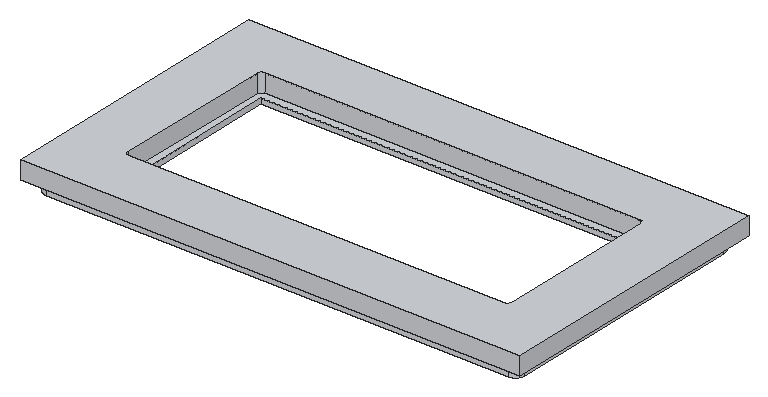
Revit family "Gira_100205", category Electrical Fixtures, host Face, Revit 2017
Family settings
  Host = Face
  Maintain Annotation Orientation = No
  Round Connector Dimension = Use Diameter
  Part Type = Normal
  Cut with Voids When Loaded = No
  Shared = No
  Room Calculation Point = No
Parameters (values of type "Cov.fr. 2-g w/o cb Gira Esprit black gl.")
  URL = "http://katalog.gira.de/en/datenblatt.html?artikelnr=100205"
  Transparent = "No"
  Name = "Cov.fr. 2-g w/o cb Gira Esprit black gl."
  Manufacturer URL = "https://www.gira.de/"
  Manufacturer = "Gira"
  Label space/information surface = "No"
  Keynote = ""
  HeinzeBIM = "https://bimportal.heinze.de/bim/cov-fr-2-g-w-o-cb-gira-esprit-black-gl-/f2a475cf737bf19e889b79ad55b6361936c70051"
  HAN = "100205"
  GTIN = "4010337040538"
  Description = "Cov.fr.2g w o cb Espr. GBk,Gira Esprit cover frame,black glass,2-gang without crossbar,"
  Default Elevation = 1219.2 mm
  Data sheet (1) = "https://katalog.gira.de/en/download.html?artikelnr=100205"
  Category = "Cover frame for domestic switching devices"
  BIM (1) = "https://media.stage.bim.site/public/gira/36a6b08/Espr._Rahmen_2fach o.Mittelsteg.rfa?public/gira/36a6b08/Espr._Rahmen_2fach o.Mittelsteg.rfa"
  Available = "No"
Reference planes
  plane 1 "Center (Front/Back)": y = 0
  plane 2: z = 0
  plane 3 "Center (Left/Right)": x = 0
Forms (mm)
  Extrusion 1, solid, detail levels fine
    sketch origin (0, 0, 0) x (1, 0, 0) y (0, 1, 0)
      loop
        line (-83, 47.5) -> (-83, -47.5) -> (83, -47.5) -> (83, 47.5) -> (-83, 47.5)
      loop
        arc (-63.75, -26.7) -> (-63.311, -27.761) -> (-62.25, -28.2) r 1.5
        line (-62.25, -28.2) -> (62.25, -28.2)
        arc (62.25, -28.2) -> (63.311, -27.761) -> (63.75, -26.7) r 1.5
        line (63.75, -26.7) -> (63.75, 26.7)
        arc (63.75, 26.7) -> (63.311, 27.761) -> (62.25, 28.2) r 1.5
        line (62.25, 28.2) -> (-62.25, 28.2)
        arc (-62.25, 28.2) -> (-63.311, 27.761) -> (-63.75, 26.7) r 1.5
        line (-63.75, 26.7) -> (-63.75, -26.7)
    from 0 to 6
  Extrusion 2, solid, detail levels fine
    sketch origin (0, 0, 0) x (1, 0, 0) y (0, 1, 0)
      loop
        line (-61.518, -25.7) -> (61.45, -25.7) -> (61.45, 25.7) -> (-61.518, 25.7) -> (-61.518, -25.7)
      loop
        arc (-78.55, -41.3) -> (-78.023, -42.573) -> (-76.75, -43.1) r 1.8
        line (-76.75, -43.1) -> (77.95, -43.1)
        arc (77.95, -43.1) -> (79.223, -42.573) -> (79.75, -41.3) r 1.8
        line (79.75, -41.3) -> (79.75, 41.3)
        arc (79.75, 41.3) -> (79.223, 42.573) -> (77.95, 43.1) r 1.8
        line (77.95, 43.1) -> (-76.75, 43.1)
        arc (-76.75, 43.1) -> (-78.023, 42.573) -> (-78.55, 41.3) r 1.8
        line (-78.55, 41.3) -> (-78.55, -41.3)
    from -1.9 to 0
  Extrusion 3, solid, detail levels fine
    sketch origin (0, 0, 0) x (1, 0, 0) y (0, 1, 0)
      loop
        arc (-76.75, 44.4) -> (-78.871, 43.521) -> (-79.75, 41.4) r 3
        line (-79.75, 41.4) -> (-79.75, -41.4)
        arc (-79.75, -41.4) -> (-78.871, -43.521) -> (-76.75, -44.4) r 3
        line (-76.75, -44.4) -> (76.75, -44.4)
        arc (76.75, -44.4) -> (78.871, -43.521) -> (79.75, -41.4) r 3
        line (79.75, -41.4) -> (79.75, 41.4)
        arc (79.75, 41.4) -> (78.871, 43.521) -> (76.75, 44.4) r 3
        line (76.75, 44.4) -> (-76.75, 44.4)
      loop
        arc (-78.55, -41.4) -> (-78.023, -42.673) -> (-76.75, -43.2) r 1.8
        line (-76.75, -43.2) -> (76.75, -43.2)
        arc (76.75, -43.2) -> (78.023, -42.673) -> (78.55, -41.4) r 1.8
        line (78.55, -41.4) -> (78.55, 41.4)
        arc (78.55, 41.4) -> (78.023, 42.673) -> (76.75, 43.2) r 1.8
        line (76.75, 43.2) -> (-76.75, 43.2)
        arc (-76.75, 43.2) -> (-78.023, 42.673) -> (-78.55, 41.4) r 1.8
        line (-78.55, 41.4) -> (-78.55, -41.4)
    from -3.7 to 0
  Extrusion 4, solid, detail levels medium
    sketch origin (0, 0, 0) x (1, 0, 0) y (0, 1, 0)
      loop
        line (-83, 47.5) -> (-83, -47.5) -> (83, -47.5) -> (83, 47.5) -> (-83, 47.5)
    from 0 to 6
  Extrusion 5, solid, detail levels medium
    sketch origin (0, 0, 0) x (1, 0, 0) y (0, 1, 0)
      loop
        line (-79.75, 44.4) -> (-79.75, -44.4) -> (79.75, -44.4) -> (79.75, 44.4) -> (-79.75, 44.4)
    from -3.7 to 0
  Extrusion 6, solid, detail levels coarse
    sketch origin (0, 0, 0) x (1, 0, 0) y (0, 1, 0)
      loop
        line (-83, 47.5) -> (-83, -47.5) -> (83, -47.5) -> (83, 47.5) -> (-83, 47.5)
    from -3.7 to 6
Dimensions and locks
  aligned and locked: plane 2 to host face
  aligned and locked: level to host face
